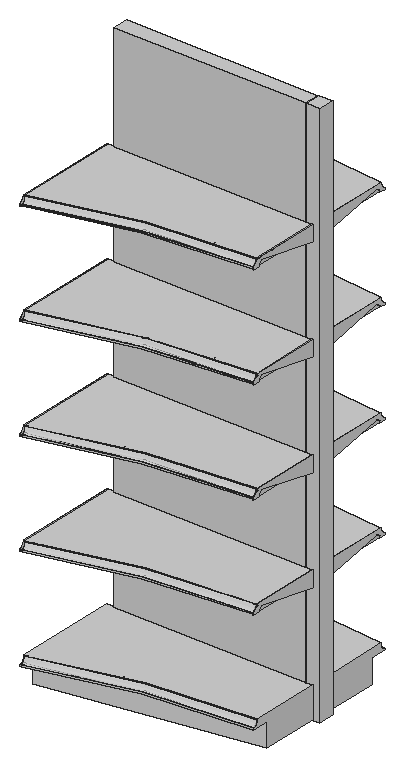
Revit family "ML14", category Specialty Equipment, Revit 2012
Parameters (values of type "Half Radius Concave Big to Small (Default)")
  Width = 3' - 0"
  URL = "http://www.madixinc.com/display/maxiline/shelvesaccessories/hrconcaveupper.html"
  Model = "Maxi Line"
  Manufacturer = "© 2012 Madix, Inc. All rights reserved."
  "Front" Base Shelf [instance] = yes
  "Front" 2' Shelf [instance] = yes
  "Front" 3' 6" Shelf [instance] = yes
  "Front" 5' Shelf [instance] = yes
  "Front" 6' 6" Shelf [instance] = yes
  Height = 8' - 0"
  "Back" Base Shelf [instance] = yes
  "Back" 2' Shelf [instance] = yes
  "Back" 3' 6" Shelf [instance] = yes
  "Back" 5' Shelf [instance] = yes
  "Back" 6' 6" Shelf [instance] = yes
  "Front" Shelf Depth = 1' - 6"
  "Back" Shelf Depth = 1' - 6"
Reference planes (in)
  plane 1 "Center (Front/Back)": y = 0
  plane 2: z = 0
  plane 3 "Center (Left/Right)": x = 0
  plane 4: x = -18
  plane 5: x = 18
  plane 6: y = 1.375
  plane 7: y = -1.375
  plane 8: z = 96
  plane 9: x = -19.25
  plane 10: x = -16.75
  plane 11: x = 19.25
  plane 12: x = 16.75
  plane 13: y = -20.25
  plane 14: y = -14.25
  plane 15: y = 20.25
  plane 16: y = 14.25
  plane 17: x = -19.25
  plane 18: x = 19.25
  plane 19: y = -19.375
  plane 20: y = 19.375
  plane 21: y = -13.375
  plane 22: y = 13.375
  plane 23: y = -13.25
  plane 24: y = -19.25
  plane 25: y = 13.25
  plane 26: y = 19.25
  plane 27: x = -17.875
  plane 28: x = 17.875
  plane 29: y = -17.375
  plane 30: y = 17.375
  plane 31: y = -11.375
  plane 32: y = 11.375
  plane 33: z = 5.5
  plane 34: z = 4.125
  plane 35: z = 23.5
  plane 36: z = 41.5
  plane 37: z = 59.5
  plane 38: z = 77.5
  plane 39: z = 22.125
  plane 40: z = 40.125
  plane 41: z = 58.125
  plane 42: z = 76.125
Forms (in)
  Extrusion 1, solid, material "Metal - Steel"
    sketch origin (0, 0, 0) x (1, 0, 0) y (0, 1, 0)
      loop
        line (-16.71875, -1.375) -> (16.71875, -1.375) -> (16.71875, 1.375) -> (-16.71875, 1.375) -> (-16.71875, -1.375)
      loop
        line (16.75, 1.375) -> (16.75, -1.375) -> (19.25, -1.375) -> (19.25, 1.375) -> (16.75, 1.375)
    from 0 to 96
  Extrusion 2, solid, material "Metal - Steel", visible <- ""Front" Base Shelf"
    sketch origin (0, 0, 0) x (1, 0, 0) y (0, 1, 0)
      loop
        line (-18, -1.375) -> (-18, -17.375) -> (18, -11.375) -> (18, -1.375) -> (-18, -1.375)
    from 0 to 4.125
  Extrusion 3, solid, material "Metal - Steel", visible <- ""Front" Base Shelf"
    sketch origin (0, 0, 0) x (1, 0, 0) y (0, 1, 0)
      loop
        line (-18, -1.375) -> (-18, -19.25) -> (-17.875, -19.25)
        arc (-17.875, -19.25) -> (-0.22448, -14.91246) -> (17.875, -13.25) r 121.79013
        line (17.875, -13.25) -> (18, -13.25) -> (18, -1.375) -> (-18, -1.375)
    from 4.125 to 5.5
  Extrusion 4, solid, material "Metal - Steel", visible <- ""Back" Base Shelf"
    sketch origin (0, 0, 0) x (1, 0, 0) y (0, 1, 0)
      loop
        line (-18, 1.375) -> (18, 1.375) -> (18, 11.375) -> (-18, 17.375) -> (-18, 1.375)
    from 0 to 4.125
  Extrusion 5, solid, material "Metal - Steel", visible <- ""Front" 2' Shelf"
    sketch origin (0, 0, 0) x (1, 0, 0) y (0, 1, 0)
      loop
        line (-17.875, -1.375) -> (-17.875, -19.25) -> (-17.75, -19.25)
        arc (-17.75, -19.25) -> (-0.22598, -14.91297) -> (17.75, -13.25) r 120.17091
        line (17.75, -13.25) -> (17.875, -13.25) -> (17.875, -1.375) -> (-17.875, -1.375)
    from 22.125 to 23.5
  Extrusion 6, solid, material "Metal - Steel", visible <- ""Front" 3' 6" Shelf"
    sketch origin (0, 0, 0) x (1, 0, 0) y (0, 1, 0)
      loop
        line (-17.875, -1.375) -> (-17.875, -19.25) -> (-17.74985, -19.25)
        arc (-17.74985, -19.25) -> (-0.22591, -14.91296) -> (17.75, -13.25) r 120.1689
        line (17.75, -13.25) -> (17.875, -13.25) -> (17.875, -1.375) -> (-17.875, -1.375)
    from 40.125 to 41.5
  Extrusion 7, solid, material "Metal - Steel", visible <- ""Front" 5' Shelf"
    sketch origin (0, 0, 0) x (1, 0, 0) y (0, 1, 0)
      loop
        line (-17.875, -1.375) -> (-17.875, -19.25) -> (-17.74985, -19.25)
        arc (-17.74985, -19.25) -> (-0.22591, -14.91296) -> (17.75, -13.25) r 120.1689
        line (17.75, -13.25) -> (17.875, -13.25) -> (17.875, -1.375) -> (-17.875, -1.375)
    from 58.125 to 59.5
  Extrusion 8, solid, material "Metal - Steel", visible <- ""Front" 6' 6" Shelf"
    sketch origin (0, 0, 0) x (1, 0, 0) y (0, 1, 0)
      loop
        line (-17.875, -1.375) -> (-17.875, -19.25) -> (-17.74985, -19.25)
        arc (-17.74985, -19.25) -> (-0.22591, -14.91296) -> (17.75, -13.25) r 120.1689
        line (17.75, -13.25) -> (17.875, -13.25) -> (17.875, -1.375) -> (-17.875, -1.375)
    from 76.125 to 77.5
  Extrusion 9, solid, material "Metal - Steel", visible <- ""Front" 2' Shelf"
    sketch origin (0, 0, 0) x (0, 1, 0) y (0, 0, 1)
      loop
        line (-1.375, 23.5) -> (-19.5, 23.5) -> (-19.5, 23.375)
        arc (-19.5, 23.375) -> (-19.81743, 22.83182) -> (-20.25, 22.375) r 2.75
        line (-20.25, 22.375) -> (-20.25, 22.125) -> (-19.25, 22.125) -> (-19.25, 22.375) -> (-18.5, 23) -> (-18.25, 23) -> (-18.25, 22.875) -> (-1.375, 20.75) -> (-1.375, 23.5)
      loop
        circle (-3.5, 23) r 0.125
      loop
        circle (-16.25, 23) r 0.125
    from -18 to -17.875
  Extrusion 10, solid, material "Metal - Steel", visible <- ""Back" 2' Shelf"
    sketch origin (0, 0, 0) x (0, -1, 0) y (0, 0, -1)
      loop
        line (-1.375, -23.5) -> (-1.375, -20.75) -> (-18.25, -22.875) -> (-18.25, -23) -> (-18.5, -23) -> (-19.25, -22.375) -> (-19.25, -22.125) -> (-20.25, -22.125) -> (-20.25, -22.375)
        arc (-20.25, -22.375) -> (-19.81743, -22.83182) -> (-19.5, -23.375) r 2.75
        line (-19.5, -23.375) -> (-19.5, -23.5) -> (-1.375, -23.5)
      loop
        circle (-9.5, -23) r 0.125
      loop
        circle (-16.25, -23) r 0.125
    from -18 to -17.875
  Extrusion 11, solid, material "Metal - Steel", visible <- ""Front" 2' Shelf"
    sketch origin (0, 0, 0) x (0, 1, 0) y (0, 0, 1)
      loop
        line (-1.375, 23.5) -> (-13.5, 23.5) -> (-13.5, 23.375)
        arc (-13.5, 23.375) -> (-13.81743, 22.83182) -> (-14.25, 22.375) r 2.75
        line (-14.25, 22.375) -> (-14.25, 22.125) -> (-13.25, 22.125) -> (-13.25, 22.375) -> (-12.5, 23) -> (-12.25, 23) -> (-12.25, 22.875) -> (-1.375, 20.75) -> (-1.375, 23.5)
      loop
        circle (-3.5, 23) r 0.125
      loop
        circle (-10.25, 23) r 0.125
    from 17.875 to 18
  Extrusion 12, solid, material "Metal - Steel", visible <- ""Back" 2' Shelf"
    sketch origin (0, 0, 0) x (0, -1, 0) y (0, 0, -1)
      loop
        line (-1.375, -23.5) -> (-1.375, -20.75) -> (-12.25, -22.875) -> (-12.25, -23) -> (-12.5, -23) -> (-13.25, -22.375) -> (-13.25, -22.125) -> (-14.25, -22.125) -> (-14.25, -22.375)
        arc (-14.25, -22.375) -> (-13.81743, -22.83182) -> (-13.5, -23.375) r 2.75
        line (-13.5, -23.375) -> (-13.5, -23.5) -> (-1.375, -23.5)
      loop
        circle (-3.5, -23) r 0.125
      loop
        circle (-10.25, -23) r 0.125
    from 17.875 to 18
  Extrusion 13, solid, material "Metal - Steel", visible <- ""Front" 3' 6" Shelf"
    sketch origin (0, 0, 18) x (0, 1, 0) y (0, 0, 1)
      loop
        line (-1.375, 23.5) -> (-19.5, 23.5) -> (-19.5, 23.375)
        arc (-19.5, 23.375) -> (-19.81743, 22.83182) -> (-20.25, 22.375) r 2.75
        line (-20.25, 22.375) -> (-20.25, 22.125) -> (-19.25, 22.125) -> (-19.25, 22.375) -> (-18.5, 23) -> (-18.25, 23) -> (-18.25, 22.875) -> (-1.375, 20.75) -> (-1.375, 23.5)
      loop
        circle (-3.5, 23) r 0.125
      loop
        circle (-16.25, 23) r 0.125
    from -18 to -17.875
  Extrusion 14, solid, material "Metal - Steel", visible <- ""Front" 5' Shelf"
    sketch origin (0, 0, 36) x (0, 1, 0) y (0, 0, 1)
      loop
        line (-1.375, 23.5) -> (-19.5, 23.5) -> (-19.5, 23.375)
        arc (-19.5, 23.375) -> (-19.81743, 22.83182) -> (-20.25, 22.375) r 2.75
        line (-20.25, 22.375) -> (-20.25, 22.125) -> (-19.25, 22.125) -> (-19.25, 22.375) -> (-18.5, 23) -> (-18.25, 23) -> (-18.25, 22.875) -> (-1.375, 20.75) -> (-1.375, 23.5)
      loop
        circle (-3.5, 23) r 0.125
      loop
        circle (-16.25, 23) r 0.125
    from -18 to -17.875
  Extrusion 15, solid, material "Metal - Steel", visible <- ""Front" 6' 6" Shelf"
    sketch origin (0, 0, 54) x (0, 1, 0) y (0, 0, 1)
      loop
        line (-1.375, 23.5) -> (-19.5, 23.5) -> (-19.5, 23.375)
        arc (-19.5, 23.375) -> (-19.81743, 22.83182) -> (-20.25, 22.375) r 2.75
        line (-20.25, 22.375) -> (-20.25, 22.125) -> (-19.25, 22.125) -> (-19.25, 22.375) -> (-18.5, 23) -> (-18.25, 23) -> (-18.25, 22.875) -> (-1.375, 20.75) -> (-1.375, 23.5)
      loop
        circle (-3.5, 23) r 0.125
      loop
        circle (-16.25, 23) r 0.125
    from -18 to -17.875
  Extrusion 16, solid, material "Metal - Steel", visible <- ""Back" 6' 6" Shelf"
    sketch origin (0, 0, 54) x (0, -1, 0) y (0, 0, -1)
      loop
        line (-1.375, -23.5) -> (-1.375, -20.75) -> (-18.25, -22.875) -> (-18.25, -23) -> (-18.5, -23) -> (-19.25, -22.375) -> (-19.25, -22.125) -> (-20.25, -22.125) -> (-20.25, -22.375)
        arc (-20.25, -22.375) -> (-19.81743, -22.83182) -> (-19.5, -23.375) r 2.75
        line (-19.5, -23.375) -> (-19.5, -23.5) -> (-1.375, -23.5)
      loop
        circle (-3.5, -23) r 0.125
      loop
        circle (-16.25, -23) r 0.125
    from -18 to -17.875
  Extrusion 17, solid, material "Metal - Steel", visible <- ""Back" 5' Shelf"
    sketch origin (0, 0, 36) x (0, -1, 0) y (0, 0, -1)
      loop
        line (-1.375, -23.5) -> (-1.375, -20.75) -> (-18.25, -22.875) -> (-18.25, -23) -> (-18.5, -23) -> (-19.25, -22.375) -> (-19.25, -22.125) -> (-20.25, -22.125) -> (-20.25, -22.375)
        arc (-20.25, -22.375) -> (-19.81743, -22.83182) -> (-19.5, -23.375) r 2.75
        line (-19.5, -23.375) -> (-19.5, -23.5) -> (-1.375, -23.5)
      loop
        circle (-3.5, -23) r 0.125
      loop
        circle (-16.25, -23) r 0.125
    from -18 to -17.875
  Extrusion 18, solid, material "Metal - Steel", visible <- ""Back" 3' 6" Shelf"
    sketch origin (0, 0, 18) x (0, -1, 0) y (0, 0, -1)
      loop
        line (-1.375, -23.5) -> (-1.375, -20.75) -> (-18.25, -22.875) -> (-18.25, -23) -> (-18.5, -23) -> (-19.25, -22.375) -> (-19.25, -22.125) -> (-20.25, -22.125) -> (-20.25, -22.375)
        arc (-20.25, -22.375) -> (-19.81743, -22.83182) -> (-19.5, -23.375) r 2.75
        line (-19.5, -23.375) -> (-19.5, -23.5) -> (-1.375, -23.5)
      loop
        circle (-3.5, -23) r 0.125
      loop
        circle (-16.25, -23) r 0.125
    from -18 to -17.875
  Extrusion 19, solid, material "Metal - Steel", visible <- ""Back" 3' 6" Shelf"
    sketch origin (0, 0, 18) x (0, -1, 0) y (0, 0, -1)
      loop
        line (-1.375, -23.5) -> (-1.375, -20.75) -> (-12.25, -22.875) -> (-12.25, -23) -> (-12.5, -23) -> (-13.25, -22.375) -> (-13.25, -22.125) -> (-14.25, -22.125) -> (-14.25, -22.375)
        arc (-14.25, -22.375) -> (-13.81743, -22.83182) -> (-13.5, -23.375) r 2.75
        line (-13.5, -23.375) -> (-13.5, -23.5) -> (-1.375, -23.5)
      loop
        circle (-3.5, -23) r 0.125
      loop
        circle (-10.25, -23) r 0.125
    from 17.875 to 18
  Extrusion 20, solid, material "Metal - Steel", visible <- ""Back" 5' Shelf"
    sketch origin (0, 0, 36) x (0, -1, 0) y (0, 0, -1)
      loop
        line (-1.375, -23.5) -> (-1.375, -20.75) -> (-12.25, -22.875) -> (-12.25, -23) -> (-12.5, -23) -> (-13.25, -22.375) -> (-13.25, -22.125) -> (-14.25, -22.125) -> (-14.25, -22.375)
        arc (-14.25, -22.375) -> (-13.81743, -22.83182) -> (-13.5, -23.375) r 2.75
        line (-13.5, -23.375) -> (-13.5, -23.5) -> (-1.375, -23.5)
      loop
        circle (-3.5, -23) r 0.125
      loop
        circle (-10.25, -23) r 0.125
    from 17.875 to 18
  Extrusion 21, solid, material "Metal - Steel", visible <- ""Back" 6' 6" Shelf"
    sketch origin (0, 0, 54) x (0, -1, 0) y (0, 0, -1)
      loop
        line (-1.375, -23.5) -> (-1.375, -20.75) -> (-12.25, -22.875) -> (-12.25, -23) -> (-12.5, -23) -> (-13.25, -22.375) -> (-13.25, -22.125) -> (-14.25, -22.125) -> (-14.25, -22.375)
        arc (-14.25, -22.375) -> (-13.81743, -22.83182) -> (-13.5, -23.375) r 2.75
        line (-13.5, -23.375) -> (-13.5, -23.5) -> (-1.375, -23.5)
      loop
        circle (-3.5, -23) r 0.125
      loop
        circle (-10.25, -23) r 0.125
    from 17.875 to 18
  Extrusion 22, solid, material "Metal - Steel", visible <- ""Front" 6' 6" Shelf"
    sketch origin (0, 0, 54) x (0, 1, 0) y (0, 0, 1)
      loop
        line (-1.375, 23.5) -> (-13.5, 23.5) -> (-13.5, 23.375)
        arc (-13.5, 23.375) -> (-13.81743, 22.83182) -> (-14.25, 22.375) r 2.75
        line (-14.25, 22.375) -> (-14.25, 22.125) -> (-13.25, 22.125) -> (-13.25, 22.375) -> (-12.5, 23) -> (-12.25, 23) -> (-12.25, 22.875) -> (-1.375, 20.75) -> (-1.375, 23.5)
      loop
        circle (-3.5, 23) r 0.125
      loop
        circle (-10.25, 23) r 0.125
    from 17.875 to 18
  Extrusion 23, solid, material "Metal - Steel", visible <- ""Front" 5' Shelf"
    sketch origin (0, 0, 36) x (0, 1, 0) y (0, 0, 1)
      loop
        line (-1.375, 23.5) -> (-13.5, 23.5) -> (-13.5, 23.375)
        arc (-13.5, 23.375) -> (-13.81743, 22.83182) -> (-14.25, 22.375) r 2.75
        line (-14.25, 22.375) -> (-14.25, 22.125) -> (-13.25, 22.125) -> (-13.25, 22.375) -> (-12.5, 23) -> (-12.25, 23) -> (-12.25, 22.875) -> (-1.375, 20.75) -> (-1.375, 23.5)
      loop
        circle (-3.5, 23) r 0.125
      loop
        circle (-10.25, 23) r 0.125
    from 17.875 to 18
  Extrusion 24, solid, material "Metal - Steel", visible <- ""Front" 3' 6" Shelf"
    sketch origin (0, 0, 18) x (0, 1, 0) y (0, 0, 1)
      loop
        line (-1.375, 23.5) -> (-13.5, 23.5) -> (-13.5, 23.375)
        arc (-13.5, 23.375) -> (-13.81743, 22.83182) -> (-14.25, 22.375) r 2.75
        line (-14.25, 22.375) -> (-14.25, 22.125) -> (-13.25, 22.125) -> (-13.25, 22.375) -> (-12.5, 23) -> (-12.25, 23) -> (-12.25, 22.875) -> (-1.375, 20.75) -> (-1.375, 23.5)
      loop
        circle (-3.5, 23) r 0.125
      loop
        circle (-10.25, 23) r 0.125
    from 17.875 to 18
  Sweep 25, solid, material "Metal - Steel", visible <- ""Front" 2' Shelf"
    path in 3D
      loop
        line (-17.875, -19.25, 23.5) -> (-17.75, -19.25, 23.5)
        arc (-17.75, -19.25, 23.5) -> (-0.22598, -14.91297, 23.5) -> (17.75, -13.25, 23.5) r 120.17091
        line (17.75, -13.25, 23.5) -> (17.875, -13.25, 23.5)
    profile origin (-17.8125, -19.25, 23.5) x (0, 1, 0) y (0, 0, 1)
      loop
        line (0, 0) -> (-0.25, 0) -> (-0.25, -0.125) -> (-0.125, -0.125)
        arc (-0.125, -0.125) -> (-0.38696, -0.76286) -> (-0.875, -1.25) r 1.75
        line (-0.875, -1.25) -> (-0.875, -1.125) -> (-1, -1.125) -> (-1, -1.375) -> (0, -1.375) -> (0, 0)
  Sweep 26, solid, material "Metal - Steel", visible <- ""Front" Base Shelf"
    path in 3D
      loop
        line (-18, -19.25, 5.5) -> (-17.875, -19.25, 5.5)
        arc (-17.875, -19.25, 5.5) -> (-0.22448, -14.91246, 5.5) -> (17.875, -13.25, 5.5) r 121.79013
        line (17.875, -13.25, 5.5) -> (18, -13.25, 5.5)
    profile origin (-17.9375, -19.25, 5.5) x (0, 1, 0) y (0, 0, 1)
      loop
        line (0, 0) -> (-0.25, 0) -> (-0.25, -0.125) -> (-0.125, -0.125)
        arc (-0.125, -0.125) -> (-0.38696, -0.76286) -> (-0.875, -1.25) r 1.74999
        line (-0.875, -1.25) -> (-0.875, -1.125) -> (-1, -1.125) -> (-1, -1.375) -> (0, -1.375) -> (0, 0)
  Extrusion 27, solid, material "Metal - Steel", visible <- ""Back" Base Shelf"
    sketch origin (0, 0, 0) x (1, 0, 0) y (0, 1, 0)
      loop
        line (-18, 1.375) -> (18, 1.375) -> (18, 13.25) -> (17.875, 13.25)
        arc (17.875, 13.25) -> (-0.22448, 14.91246) -> (-17.875, 19.25) r 121.79013
        line (-17.875, 19.25) -> (-18, 19.25) -> (-18, 1.375)
    from 4.125 to 5.5
  Extrusion 28, solid, material "Metal - Steel", visible <- ""Back" 2' Shelf"
    sketch origin (0, 0, 0) x (0, -1, 0) y (0, 0, -1)
      loop
        line (-1.375, -23.5) -> (-1.375, -20.75) -> (-12.25, -22.875) -> (-12.25, -23) -> (-12.5, -23) -> (-13.25, -22.375) -> (-13.25, -22.125) -> (-14.25, -22.125) -> (-14.25, -22.375)
        arc (-14.25, -22.375) -> (-13.81743, -22.83182) -> (-13.5, -23.375) r 2.75
        line (-13.5, -23.375) -> (-13.5, -23.5) -> (-1.375, -23.5)
      loop
        circle (-3.5, -23) r 0.125
      loop
        circle (-10.25, -23) r 0.125
    from 17.875 to 18
  Extrusion 29, solid, material "Metal - Steel", visible <- ""Back" 2' Shelf"
    sketch origin (0, 0, 0) x (1, 0, 0) y (0, 1, 0)
      loop
        line (-17.875, 1.375) -> (17.875, 1.375) -> (17.875, 13.25) -> (17.75, 13.25)
        arc (17.75, 13.25) -> (-0.22598, 14.91297) -> (-17.75, 19.25) r 120.17091
        line (-17.75, 19.25) -> (-17.875, 19.25) -> (-17.875, 1.375)
    from 22.125 to 23.5
  Extrusion 30, solid, material "Metal - Steel", visible <- ""Back" 3' 6" Shelf"
    sketch origin (0, 0, 0) x (1, 0, 0) y (0, 1, 0)
      loop
        line (-17.875, 1.375) -> (17.875, 1.375) -> (17.875, 13.25) -> (17.75, 13.25)
        arc (17.75, 13.25) -> (-0.22591, 14.91296) -> (-17.74985, 19.25) r 120.1689
        line (-17.74985, 19.25) -> (-17.875, 19.25) -> (-17.875, 1.375)
    from 40.125 to 41.5
  Extrusion 31, solid, material "Metal - Steel", visible <- ""Back" 5' Shelf"
    sketch origin (0, 0, 0) x (1, 0, 0) y (0, 1, 0)
      loop
        line (-17.875, 1.375) -> (17.875, 1.375) -> (17.875, 13.25) -> (17.75, 13.25)
        arc (17.75, 13.25) -> (-0.22591, 14.91296) -> (-17.74985, 19.25) r 120.1689
        line (-17.74985, 19.25) -> (-17.875, 19.25) -> (-17.875, 1.375)
    from 58.125 to 59.5
  Extrusion 32, solid, material "Metal - Steel", visible <- ""Back" 6' 6" Shelf"
    sketch origin (0, 0, 0) x (1, 0, 0) y (0, 1, 0)
      loop
        line (-17.875, 1.375) -> (17.875, 1.375) -> (17.875, 13.25) -> (17.75, 13.25)
        arc (17.75, 13.25) -> (-0.22591, 14.91296) -> (-17.74985, 19.25) r 120.1689
        line (-17.74985, 19.25) -> (-17.875, 19.25) -> (-17.875, 1.375)
    from 76.125 to 77.5
  Sweep 33, solid, material "Metal - Steel", visible <- ""Front" 3' 6" Shelf"
    path in 3D
      loop
        line (-17.875, -19.25, 41.5) -> (-17.74985, -19.25, 41.5)
        arc (-17.74985, -19.25, 41.5) -> (-0.22591, -14.91296, 41.5) -> (17.75, -13.25, 41.5) r 120.1689
        line (17.75, -13.25, 41.5) -> (17.875, -13.25, 41.5)
    profile origin (-17.81243, -19.25, 41.5) x (0, 1, 0) y (0, 0, 1)
      loop
        line (0, 0) -> (-0.25, 0) -> (-0.25, -0.125) -> (-0.125, -0.125)
        arc (-0.125, -0.125) -> (-0.38696, -0.76286) -> (-0.875, -1.25) r 1.75
        line (-0.875, -1.25) -> (-0.875, -1.125) -> (-1, -1.125) -> (-1, -1.375) -> (0, -1.375) -> (0, 0)
  Sweep 34, solid, material "Metal - Steel", visible <- ""Front" 5' Shelf"
    path in 3D
      loop
        line (-17.875, -19.25, 59.5) -> (-17.74985, -19.25, 59.5)
        arc (-17.74985, -19.25, 59.5) -> (-0.22591, -14.91296, 59.5) -> (17.75, -13.25, 59.5) r 120.1689
        line (17.75, -13.25, 59.5) -> (17.875, -13.25, 59.5)
    profile origin (-17.81243, -19.25, 59.5) x (0, 1, 0) y (0, 0, 1)
      loop
        arc (-0.125, -0.125) -> (-0.38696, -0.76286) -> (-0.875, -1.25) r 1.74999
        line (-0.875, -1.25) -> (-0.875, -1.125) -> (-1, -1.125) -> (-1, -1.375) -> (0, -1.375) -> (0, 0) -> (-0.25, 0) -> (-0.25, -0.125) -> (-0.125, -0.125)
  Sweep 35, solid, material "Metal - Steel", visible <- ""Front" 6' 6" Shelf"
    path in 3D
      loop
        line (-17.875, -19.25, 77.5) -> (-17.74985, -19.25, 77.5)
        arc (-17.74985, -19.25, 77.5) -> (-0.22591, -14.91296, 77.5) -> (17.75, -13.25, 77.5) r 120.1689
        line (17.75, -13.25, 77.5) -> (17.875, -13.25, 77.5)
    profile origin (-17.81243, -19.25, 77.5) x (0, 1, 0) y (0, 0, 1)
      loop
        arc (-0.125, -0.125) -> (-0.38696, -0.76286) -> (-0.875, -1.25) r 1.74998
        line (-0.875, -1.25) -> (-0.875, -1.125) -> (-1, -1.125) -> (-1, -1.375) -> (0, -1.375) -> (0, 0) -> (-0.25, 0) -> (-0.25, -0.125) -> (-0.125, -0.125)
  Sweep 36, solid, material "Metal - Steel", visible <- ""Back" Base Shelf"
    path in 3D
      loop
        line (18, 13.25, 5.5) -> (17.875, 13.25, 5.5)
        arc (17.875, 13.25, 5.5) -> (-0.22448, 14.91246, 5.5) -> (-17.875, 19.25, 5.5) r 121.79013
        line (-17.875, 19.25, 5.5) -> (-18, 19.25, 5.5)
    profile origin (-17.9375, 19.25, 5.5) x (0, -1, 0) y (0, 0, 1)
      loop
        arc (-0.125, -0.125) -> (-0.38696, -0.76286) -> (-0.875, -1.25) r 1.74998
        line (-0.875, -1.25) -> (-0.875, -1.125) -> (-1, -1.125) -> (-1, -1.375) -> (0, -1.375) -> (0, 0) -> (-0.25, 0) -> (-0.25, -0.125) -> (-0.125, -0.125)
  Sweep 37, solid, material "Metal - Steel", visible <- ""Back" 2' Shelf"
    path in 3D
      loop
        line (17.875, 13.25, 23.5) -> (17.75, 13.25, 23.5)
        arc (17.75, 13.25, 23.5) -> (-0.22598, 14.91297, 23.5) -> (-17.75, 19.25, 23.5) r 120.17091
        line (-17.75, 19.25, 23.5) -> (-17.875, 19.25, 23.5)
    profile origin (-17.8125, 19.25, 23.5) x (0, -1, 0) y (0, 0, 1)
      loop
        line (0, 0) -> (-0.25, 0) -> (-0.25, -0.125) -> (-0.125, -0.125)
        arc (-0.125, -0.125) -> (-0.38696, -0.76286) -> (-0.875, -1.25) r 1.74998
        line (-0.875, -1.25) -> (-0.875, -1.125) -> (-1, -1.125) -> (-1, -1.375) -> (0, -1.375) -> (0, 0)
  Sweep 38, solid, material "Metal - Steel", visible <- ""Back" 3' 6" Shelf"
    path in 3D
      loop
        line (17.875, 13.25, 41.5) -> (17.75, 13.25, 41.5)
        arc (17.75, 13.25, 41.5) -> (-0.22591, 14.91296, 41.5) -> (-17.74985, 19.25, 41.5) r 120.1689
        line (-17.74985, 19.25, 41.5) -> (-17.875, 19.25, 41.5)
    profile origin (17.8125, 13.25, 41.5) x (0, -1, 0) y (0, 0, 1)
      loop
        arc (-0.125, -0.125) -> (-0.38696, -0.76286) -> (-0.875, -1.25) r 1.74998
        line (-0.875, -1.25) -> (-0.875, -1.125) -> (-1, -1.125) -> (-1, -1.375) -> (0, -1.375) -> (0, 0) -> (-0.25, 0) -> (-0.25, -0.125) -> (-0.125, -0.125)
  Sweep 39, solid, material "Metal - Steel", visible <- ""Back" 5' Shelf"
    path in 3D
      loop
        line (17.875, 13.25, 59.5) -> (17.75, 13.25, 59.5)
        arc (17.75, 13.25, 59.5) -> (-0.22591, 14.91296, 59.5) -> (-17.74985, 19.25, 59.5) r 120.1689
        line (-17.74985, 19.25, 59.5) -> (-17.875, 19.25, 59.5)
    profile origin (-17.81243, 19.25, 59.5) x (0, -1, 0) y (0, 0, 1)
      loop
        arc (-0.125, -0.125) -> (-0.38696, -0.76286) -> (-0.875, -1.25) r 1.74998
        line (-0.875, -1.25) -> (-0.875, -1.125) -> (-1, -1.125) -> (-1, -1.375) -> (0, -1.375) -> (0, 0) -> (-0.25, 0) -> (-0.25, -0.125) -> (-0.125, -0.125)
  Sweep 40, solid, material "Metal - Steel", visible <- ""Back" 6' 6" Shelf"
    path in 3D
      loop
        line (17.875, 13.25, 77.5) -> (17.75, 13.25, 77.5)
        arc (17.75, 13.25, 77.5) -> (-0.22591, 14.91296, 77.5) -> (-17.74985, 19.25, 77.5) r 120.1689
        line (-17.74985, 19.25, 77.5) -> (-17.875, 19.25, 77.5)
    profile origin (-17.81243, 19.25, 77.5) x (0, -1, 0) y (0, 0, 1)
      loop
        arc (-0.125, -0.125) -> (-0.38696, -0.76286) -> (-0.875, -1.25) r 1.74998
        line (-0.875, -1.25) -> (-0.875, -1.125) -> (-1, -1.125) -> (-1, -1.375) -> (0, -1.375) -> (0, 0) -> (-0.25, 0) -> (-0.25, -0.125) -> (-0.125, -0.125)
Cuts and joins
  joined: Extrusion 2, Extrusion 3, Sweep 26
  joined: Extrusion 5, Sweep 25
  joined: Extrusion 6, Sweep 33
  joined: Extrusion 7, Sweep 34
  joined: Extrusion 8, Sweep 35
  joined: Extrusion 4, Extrusion 27, Sweep 36
  joined: Extrusion 29, Sweep 37
  joined: Extrusion 30, Sweep 38
  joined: Extrusion 31, Sweep 39
  joined: Extrusion 32, Sweep 40
Lines and regions (in)
  sketch lines
    curve 1: line (-17.875, -19.25, 23.5) -> (-17.75, -19.25, 23.5)
    curve 2: arc (17.75, -13.25, 23.5) -> (-0.22598, -14.91297, 23.5) -> (-17.75, -19.25, 23.5) r 120.17091
    curve 3: line (17.75, -13.25, 23.5) -> (17.875, -13.25, 23.5)
    curve 4: line (-18, -19.25, 5.5) -> (-17.875, -19.25, 5.5)
    curve 5: arc (17.875, -13.25, 5.5) -> (-0.22448, -14.91246, 5.5) -> (-17.875, -19.25, 5.5) r 121.79013
    curve 6: line (17.875, -13.25, 5.5) -> (18, -13.25, 5.5)
    curve 7: line (-17.875, -19.25, 41.5) -> (-17.74985, -19.25, 41.5)
    curve 8: arc (17.75, -13.25, 41.5) -> (-0.22591, -14.91296, 41.5) -> (-17.74985, -19.25, 41.5) r 120.1689
    curve 9: line (17.75, -13.25, 41.5) -> (17.875, -13.25, 41.5)
    curve 10: line (-17.875, -19.25, 59.5) -> (-17.74985, -19.25, 59.5)
    curve 11: arc (17.75, -13.25, 59.5) -> (-0.22591, -14.91296, 59.5) -> (-17.74985, -19.25, 59.5) r 120.1689
    curve 12: line (17.75, -13.25, 59.5) -> (17.875, -13.25, 59.5)
    curve 13: line (-17.875, -19.25, 77.5) -> (-17.74985, -19.25, 77.5)
    curve 14: arc (17.75, -13.25, 77.5) -> (-0.22591, -14.91296, 77.5) -> (-17.74985, -19.25, 77.5) r 120.1689
    curve 15: line (17.75, -13.25, 77.5) -> (17.875, -13.25, 77.5)
    curve 16: line (-17.875, 19.25, 5.5) -> (-18, 19.25, 5.5)
    curve 17: arc (-17.875, 19.25, 5.5) -> (-0.22448, 14.91246, 5.5) -> (17.875, 13.25, 5.5) r 121.79013
    curve 18: line (18, 13.25, 5.5) -> (17.875, 13.25, 5.5)
    curve 19: line (-17.75, 19.25, 23.5) -> (-17.875, 19.25, 23.5)
    curve 20: arc (-17.75, 19.25, 23.5) -> (-0.22598, 14.91297, 23.5) -> (17.75, 13.25, 23.5) r 120.17091
    curve 21: line (17.875, 13.25, 23.5) -> (17.75, 13.25, 23.5)
    curve 22: line (17.875, 13.25, 41.5) -> (17.75, 13.25, 41.5)
    curve 23: arc (-17.74985, 19.25, 41.5) -> (-0.22591, 14.91296, 41.5) -> (17.75, 13.25, 41.5) r 120.1689
    curve 24: line (-17.74985, 19.25, 41.5) -> (-17.875, 19.25, 41.5)
    curve 25: line (-17.74985, 19.25, 59.5) -> (-17.875, 19.25, 59.5)
    curve 26: arc (-17.74985, 19.25, 59.5) -> (-0.22591, 14.91296, 59.5) -> (17.75, 13.25, 59.5) r 120.1689
    curve 27: line (17.875, 13.25, 59.5) -> (17.75, 13.25, 59.5)
    curve 28: line (-17.74985, 19.25, 77.5) -> (-17.875, 19.25, 77.5)
    curve 29: arc (-17.74985, 19.25, 77.5) -> (-0.22591, 14.91296, 77.5) -> (17.75, 13.25, 77.5) r 120.1689
    curve 30: line (17.875, 13.25, 77.5) -> (17.75, 13.25, 77.5)
Dimensions and locks (in)
  "Height": plane 8 to level
  equal spacing: plane 4, plane 3 "Center (Left/Right)", plane 5
  "Width": plane 4 to plane 5
  locked: plane 9 to plane 10 at 2.5
  locked: plane 12 to plane 11 at 2.5
  locked: plane 17 to plane 4 at 1.25
  locked: plane 5 to plane 18 at 1.25
  ""Front" Shelf Depth": plane 19 to plane 7
  ""Back" Shelf Depth": plane 6 to plane 20
  locked: plane 21 to plane 19 at 6
  locked: plane 22 to plane 20 at 6
  locked: plane 19 to plane 13 at 0.875
  locked: plane 21 to plane 14 at 0.875
  locked: plane 16 to plane 22 at 0.875
  locked: plane 20 to plane 15 at 0.875
  locked: plane 23 to plane 21 at 0.125
  locked: plane 24 to plane 19 at 0.125
  locked: plane 25 to plane 22 at 0.125
  locked: plane 26 to plane 20 at 0.125
  locked: plane 4 to plane 27 at 0.125
  locked: plane 28 to plane 5 at 0.125
  locked: plane 31 to plane 21 at 2
  locked: plane 29 to plane 19 at 2
  locked: plane 22 to plane 32 at 2
  locked: plane 20 to plane 30 at 2
  aligned and locked: level to plane 2
  aligned and locked: plane 8 to Extrusion 1
  aligned and locked: plane 11 to plane 18
  aligned and locked: plane 9 to plane 17
  aligned and locked: Extrusion 9 to plane 4
  aligned and locked: plane 27 to Extrusion 9
  aligned and locked: Extrusion 11 to plane 5
  aligned and locked: plane 28 to Extrusion 11
  aligned and locked: Extrusion 12 to plane 5
  aligned and locked: plane 28 to Extrusion 12
  aligned and locked: plane 27 to Extrusion 10
  aligned and locked: Extrusion 10 to plane 4
  aligned and locked: Extrusion 16 to plane 4
  aligned and locked: plane 27 to Extrusion 16
  aligned and locked: Extrusion 17 to plane 4
  aligned and locked: plane 27 to Extrusion 17
  aligned and locked: Extrusion 18 to plane 4
  aligned and locked: plane 27 to Extrusion 18
  aligned and locked: Extrusion 21 to plane 5
  aligned and locked: plane 28 to Extrusion 21
  aligned and locked: Extrusion 20 to plane 5
  aligned and locked: plane 28 to Extrusion 20
  aligned and locked: Extrusion 19 to plane 5
  aligned and locked: plane 28 to Extrusion 19
  aligned and locked: Extrusion 22 to plane 5
  aligned and locked: plane 28 to Extrusion 22
  aligned and locked: Extrusion 23 to plane 5
  aligned and locked: plane 28 to Extrusion 23
  aligned and locked: Extrusion 24 to plane 5
  aligned and locked: plane 28 to Extrusion 24
  aligned and locked: Extrusion 15 to plane 4
  aligned and locked: plane 27 to Extrusion 15
  aligned and locked: Extrusion 14 to plane 4
  aligned and locked: plane 27 to Extrusion 14
  aligned and locked: Extrusion 13 to plane 4
  aligned and locked: plane 27 to Extrusion 13
  aligned and locked: Extrusion 28 to plane 5
  aligned and locked: plane 28 to Extrusion 28
Automatic sketch dimensions
  Extrusion 2 sketch curve to plane 4 = 0' - 0"
  Extrusion 2 sketch curve to plane 5 = 0' - 0"
  plane 29 to Extrusion 2 sketch curve = 0' - 0"
  Extrusion 2 sketch curve to plane 31 = 0' - 0"
  plane 7 to Extrusion 2 sketch curve = 0' - 0"
  Extrusion 3 sketch curve to plane 4 = 0' - 0"
  Extrusion 3 sketch curve to plane 24 = 0' - 0"
  Extrusion 3 sketch curve to plane 27 = 0' - 0"
  Extrusion 3 sketch curve to plane 23 = 0' - 0"
  Extrusion 3 sketch curve to plane 28 = 0' - 0"
  Extrusion 3 sketch curve to plane 5 = 0' - 0"
  plane 7 to Extrusion 3 sketch curve = 0' - 0"
  Extrusion 3 sketch curve to plane 11 = 0' - 0.68388"
  Extrusion 4 sketch curve to plane 4 = 0' - 0"
  Extrusion 4 sketch curve to plane 5 = 0' - 0"
  Extrusion 4 sketch curve to plane 30 = 0' - 0"
  plane 32 to Extrusion 4 sketch curve = 0' - 0"
  Extrusion 4 sketch curve to plane 6 = 0' - 0"
  Extrusion 5 sketch curve to plane 24 = 0' - 0"
  Extrusion 5 sketch curve to plane 27 = 0' - 0"
  Extrusion 5 sketch curve to plane 23 = 0' - 0"
  plane 7 to Extrusion 5 sketch curve = 0' - 0"
  Extrusion 5 sketch curve to plane 28 = 0' - 0"
  plane 27 to Extrusion 5 sketch curve = 0' - 0 1/8"
  plane 28 to Extrusion 5 sketch curve = 0' - 0 1/8"
  Extrusion 5 sketch curve to plane 11 = 0' - 0.55058"
  Extrusion 6 sketch curve to plane 24 = 0' - 0"
  Extrusion 6 sketch curve to plane 27 = 0' - 0"
  Extrusion 6 sketch curve to plane 23 = 0' - 0"
  plane 7 to Extrusion 6 sketch curve = 0' - 0"
  Extrusion 6 sketch curve to plane 28 = 0' - 0"
  plane 27 to Extrusion 6 sketch curve = 0' - 0.12515"
  plane 28 to Extrusion 6 sketch curve = 0' - 0 1/8"
  Extrusion 6 sketch curve to plane 11 = 0' - 0.55039"
  Extrusion 7 sketch curve to plane 24 = 0' - 0"
  Extrusion 7 sketch curve to plane 27 = 0' - 0"
  Extrusion 7 sketch curve to plane 23 = 0' - 0"
  plane 7 to Extrusion 7 sketch curve = 0' - 0"
  Extrusion 7 sketch curve to plane 28 = 0' - 0"
  plane 27 to Extrusion 7 sketch curve = 0' - 0.12515"
  plane 28 to Extrusion 7 sketch curve = 0' - 0 1/8"
  Extrusion 7 sketch curve to plane 11 = 0' - 0.55039"
  Extrusion 8 sketch curve to plane 24 = 0' - 0"
  Extrusion 8 sketch curve to plane 27 = 0' - 0"
  Extrusion 8 sketch curve to plane 23 = 0' - 0"
  plane 7 to Extrusion 8 sketch curve = 0' - 0"
  Extrusion 8 sketch curve to plane 28 = 0' - 0"
  plane 27 to Extrusion 8 sketch curve = 0' - 0.12515"
  plane 28 to Extrusion 8 sketch curve = 0' - 0 1/8"
  Extrusion 8 sketch curve to plane 11 = 0' - 0.55039"
  Extrusion 9 sketch curve to plane 13 = 0' - 0"
  plane 35 to Extrusion 9 sketch curve = 0' - 0"
  Extrusion 9 sketch curve to plane 24 = 0' - 0"
  Extrusion 9 sketch curve to plane 7 = 0' - 0"
  plane 39 to Extrusion 9 sketch curve = 0' - 0"
  Extrusion 9 sketch curve to plane 35 = 0' - 0.98182"
  Extrusion 9 sketch curve to plane 13 = 0' - 1.76743"
  Extrusion 9 sketch curve to plane 19 = 0' - 0 1/8"
  plane 24 to Extrusion 9 sketch curve = 0' - 0 3/4"
  Extrusion 9 sketch curve to Extrusion 9 sketch curve = 0' - 0 1/4"
  plane 35 to Extrusion 9 sketch curve = 0' - 0 1/2"  (x2)
  Extrusion 9 sketch curve to plane 29 = 0' - 1 1/8"
  plane 7 to Extrusion 9 sketch curve = 0' - 2 1/8"
  plane 39 to Extrusion 9 sketch curve = 0' - 1 3/8"
  Extrusion 9 sketch curve to plane 39 = 0' - 0 1/4"  (x2)
  plane 35 to Extrusion 9 sketch curve = 0' - 0 5/8"
  Extrusion 9 sketch curve to Extrusion 9 sketch curve = 0' - 0 1/8"
  Extrusion 10 sketch curve to plane 15 = 0' - 0"
  plane 35 to Extrusion 10 sketch curve = 0' - 0"
  Extrusion 10 sketch curve to plane 26 = 0' - 0"
  Extrusion 10 sketch curve to plane 6 = 0' - 0"
  plane 39 to Extrusion 10 sketch curve = 0' - 0"
  plane 35 to Extrusion 10 sketch curve = 0' - 0.98182"
  plane 15 to Extrusion 10 sketch curve = 0' - 1.76743"
  plane 20 to Extrusion 10 sketch curve = 0' - 0 1/8"
  Extrusion 10 sketch curve to plane 26 = 0' - 0 3/4"
  Extrusion 10 sketch curve to Extrusion 10 sketch curve = 0' - 0 1/4"
  Extrusion 10 sketch curve to plane 35 = 0' - 0 1/2"  (x2)
  plane 30 to Extrusion 10 sketch curve = 0' - 1 1/8"
  Extrusion 10 sketch curve to plane 32 = 0' - 1 7/8"
  Extrusion 10 sketch curve to plane 39 = 0' - 1 3/8"
  plane 39 to Extrusion 10 sketch curve = 0' - 0 1/4"  (x2)
  Extrusion 10 sketch curve to plane 35 = 0' - 0 5/8"
  Extrusion 10 sketch curve to Extrusion 10 sketch curve = 0' - 0 1/8"
  Extrusion 11 sketch curve to plane 14 = 0' - 0"
  plane 35 to Extrusion 11 sketch curve = 0' - 0"
  Extrusion 11 sketch curve to plane 23 = 0' - 0"
  Extrusion 11 sketch curve to plane 7 = 0' - 0"
  plane 39 to Extrusion 11 sketch curve = 0' - 0"
  Extrusion 11 sketch curve to plane 29 = 0' - 1.35757"
  Extrusion 11 sketch curve to plane 21 = 0' - 0 1/8"
  plane 23 to Extrusion 11 sketch curve = 0' - 0 3/4"
  Extrusion 11 sketch curve to Extrusion 11 sketch curve = 0' - 0 1/4"
  plane 35 to Extrusion 11 sketch curve = 0' - 0 1/2"  (x2)
  plane 31 to Extrusion 11 sketch curve = 0' - 1 1/8"
  plane 7 to Extrusion 11 sketch curve = 0' - 2 1/8"
  plane 39 to Extrusion 11 sketch curve = 0' - 1 3/8"
  Extrusion 11 sketch curve to plane 39 = 0' - 0 1/4"  (x2)
  plane 35 to Extrusion 11 sketch curve = 0' - 0 5/8"
  Extrusion 11 sketch curve to Extrusion 11 sketch curve = 0' - 0 1/8"  (x2)
  Extrusion 12 sketch curve to plane 16 = 0' - 0"
  plane 35 to Extrusion 12 sketch curve = 0' - 0"
  Extrusion 12 sketch curve to plane 25 = 0' - 0"
  Extrusion 12 sketch curve to plane 6 = 0' - 0"
  plane 39 to Extrusion 12 sketch curve = 0' - 0"
  plane 30 to Extrusion 12 sketch curve = 0' - 1.35757"
  plane 22 to Extrusion 12 sketch curve = 0' - 0 1/8"
  Extrusion 12 sketch curve to plane 25 = 0' - 0 3/4"
  Extrusion 12 sketch curve to Extrusion 12 sketch curve = 0' - 0 1/4"
  Extrusion 12 sketch curve to plane 35 = 0' - 0 1/2"  (x2)
  Extrusion 12 sketch curve to plane 32 = 0' - 1 1/8"
  Extrusion 12 sketch curve to plane 6 = 0' - 2 1/8"
  Extrusion 12 sketch curve to plane 39 = 0' - 1 3/8"
  plane 39 to Extrusion 12 sketch curve = 0' - 0 1/4"  (x2)
  Extrusion 12 sketch curve to plane 35 = 0' - 0 5/8"
  Extrusion 12 sketch curve to Extrusion 12 sketch curve = 0' - 0 1/8"  (x2)
  Extrusion 13 sketch curve to plane 13 = 0' - 0"
  Extrusion 13 sketch curve to plane 36 = 0' - 0"
  Extrusion 13 sketch curve to plane 24 = 0' - 0"
  Extrusion 13 sketch curve to plane 7 = 0' - 0"
  plane 40 to Extrusion 13 sketch curve = 0' - 0"
  plane 36 to Extrusion 13 sketch curve = 0' - 0.98182"
  Extrusion 13 sketch curve to plane 13 = 0' - 1.76743"
  Extrusion 13 sketch curve to plane 19 = 0' - 0 1/8"
  plane 24 to Extrusion 13 sketch curve = 0' - 0 3/4"
  Extrusion 13 sketch curve to Extrusion 13 sketch curve = 0' - 0 1/4"
  Extrusion 13 sketch curve to plane 36 = 0' - 0 1/2"  (x2)
  Extrusion 13 sketch curve to plane 29 = 0' - 1 1/8"
  plane 7 to Extrusion 13 sketch curve = 0' - 2 1/8"
  plane 40 to Extrusion 13 sketch curve = 0' - 1 3/8"
  Extrusion 13 sketch curve to plane 40 = 0' - 0 1/4"  (x2)
  Extrusion 13 sketch curve to plane 36 = 0' - 0 5/8"
  Extrusion 13 sketch curve to Extrusion 13 sketch curve = 0' - 0 1/8"
  Extrusion 14 sketch curve to plane 13 = 0' - 0"
  Extrusion 14 sketch curve to plane 37 = 0' - 0"
  Extrusion 14 sketch curve to plane 24 = 0' - 0"
  Extrusion 14 sketch curve to plane 7 = 0' - 0"
  Extrusion 14 sketch curve to plane 41 = 0' - 0"
  plane 37 to Extrusion 14 sketch curve = 0' - 0.98182"
  Extrusion 14 sketch curve to plane 13 = 0' - 1.76743"
  Extrusion 14 sketch curve to plane 19 = 0' - 0 1/8"
  plane 24 to Extrusion 14 sketch curve = 0' - 0 3/4"
  Extrusion 14 sketch curve to Extrusion 14 sketch curve = 0' - 0 1/4"
  Extrusion 14 sketch curve to plane 37 = 0' - 0 1/2"  (x2)
  Extrusion 14 sketch curve to plane 29 = 0' - 1 1/8"
  plane 7 to Extrusion 14 sketch curve = 0' - 2 1/8"
  Extrusion 14 sketch curve to plane 41 = 0' - 1 3/8"
  plane 41 to Extrusion 14 sketch curve = 0' - 0 1/4"  (x2)
  Extrusion 14 sketch curve to plane 37 = 0' - 0 5/8"
  Extrusion 14 sketch curve to Extrusion 14 sketch curve = 0' - 0 1/8"
  Extrusion 15 sketch curve to plane 13 = 0' - 0"
  plane 38 to Extrusion 15 sketch curve = 0' - 0"
  Extrusion 15 sketch curve to plane 24 = 0' - 0"
  Extrusion 15 sketch curve to plane 7 = 0' - 0"
  Extrusion 15 sketch curve to plane 42 = 0' - 0"
  Extrusion 15 sketch curve to plane 38 = 0' - 0.98182"
  Extrusion 15 sketch curve to plane 13 = 0' - 1.76743"
  Extrusion 15 sketch curve to plane 19 = 0' - 0 1/8"
  plane 24 to Extrusion 15 sketch curve = 0' - 0 3/4"
  Extrusion 15 sketch curve to Extrusion 15 sketch curve = 0' - 0 1/4"
  plane 38 to Extrusion 15 sketch curve = 0' - 0 1/2"  (x2)
  Extrusion 15 sketch curve to plane 29 = 0' - 1 1/8"
  plane 7 to Extrusion 15 sketch curve = 0' - 2 1/8"
  Extrusion 15 sketch curve to plane 42 = 0' - 1 3/8"
  plane 42 to Extrusion 15 sketch curve = 0' - 0 1/4"  (x2)
  plane 38 to Extrusion 15 sketch curve = 0' - 0 5/8"
  Extrusion 15 sketch curve to Extrusion 15 sketch curve = 0' - 0 1/8"
  Extrusion 16 sketch curve to plane 15 = 0' - 0"
  plane 38 to Extrusion 16 sketch curve = 0' - 0"
  Extrusion 16 sketch curve to plane 26 = 0' - 0"
  Extrusion 16 sketch curve to plane 6 = 0' - 0"
  Extrusion 16 sketch curve to plane 42 = 0' - 0"
  plane 38 to Extrusion 16 sketch curve = 0' - 0.98182"
  plane 15 to Extrusion 16 sketch curve = 0' - 1.76743"
  plane 20 to Extrusion 16 sketch curve = 0' - 0 1/8"
  Extrusion 16 sketch curve to plane 26 = 0' - 0 3/4"
  Extrusion 16 sketch curve to Extrusion 16 sketch curve = 0' - 0 1/4"
  Extrusion 16 sketch curve to plane 38 = 0' - 0 1/2"  (x2)
  plane 30 to Extrusion 16 sketch curve = 0' - 1 1/8"
  Extrusion 16 sketch curve to plane 6 = 0' - 2 1/8"
  plane 42 to Extrusion 16 sketch curve = 0' - 1 3/8"
  Extrusion 16 sketch curve to plane 42 = 0' - 0 1/4"  (x2)
  Extrusion 16 sketch curve to plane 38 = 0' - 0 5/8"
  Extrusion 16 sketch curve to Extrusion 16 sketch curve = 0' - 0 1/8"
  Extrusion 17 sketch curve to plane 15 = 0' - 0"
  Extrusion 17 sketch curve to plane 37 = 0' - 0"
  Extrusion 17 sketch curve to plane 26 = 0' - 0"
  Extrusion 17 sketch curve to plane 6 = 0' - 0"
  Extrusion 17 sketch curve to plane 41 = 0' - 0"
  Extrusion 17 sketch curve to plane 37 = 0' - 0.98182"
  plane 15 to Extrusion 17 sketch curve = 0' - 1.76743"
  plane 20 to Extrusion 17 sketch curve = 0' - 0 1/8"
  Extrusion 17 sketch curve to plane 26 = 0' - 0 3/4"
  Extrusion 17 sketch curve to Extrusion 17 sketch curve = 0' - 0 1/4"
  plane 37 to Extrusion 17 sketch curve = 0' - 0 1/2"  (x2)
  plane 30 to Extrusion 17 sketch curve = 0' - 1 1/8"
  Extrusion 17 sketch curve to plane 6 = 0' - 2 1/8"
  plane 41 to Extrusion 17 sketch curve = 0' - 1 3/8"
  Extrusion 17 sketch curve to plane 41 = 0' - 0 1/4"  (x2)
  plane 37 to Extrusion 17 sketch curve = 0' - 0 5/8"
  Extrusion 17 sketch curve to Extrusion 17 sketch curve = 0' - 0 1/8"
  Extrusion 18 sketch curve to plane 15 = 0' - 0"
  Extrusion 18 sketch curve to plane 36 = 0' - 0"
  Extrusion 18 sketch curve to plane 26 = 0' - 0"
  Extrusion 18 sketch curve to plane 6 = 0' - 0"
  plane 40 to Extrusion 18 sketch curve = 0' - 0"
  Extrusion 18 sketch curve to plane 36 = 0' - 0.98182"
  plane 15 to Extrusion 18 sketch curve = 0' - 1.76743"
  plane 20 to Extrusion 18 sketch curve = 0' - 0 1/8"
  Extrusion 18 sketch curve to plane 26 = 0' - 0 3/4"
  Extrusion 18 sketch curve to Extrusion 18 sketch curve = 0' - 0 1/4"
  plane 36 to Extrusion 18 sketch curve = 0' - 0 1/2"  (x2)
  plane 30 to Extrusion 18 sketch curve = 0' - 1 1/8"
  Extrusion 18 sketch curve to plane 6 = 0' - 2 1/8"
  Extrusion 18 sketch curve to plane 40 = 0' - 1 3/8"
  plane 40 to Extrusion 18 sketch curve = 0' - 0 1/4"  (x2)
  plane 36 to Extrusion 18 sketch curve = 0' - 0 5/8"
  Extrusion 18 sketch curve to Extrusion 18 sketch curve = 0' - 0 1/8"
  Extrusion 19 sketch curve to plane 16 = 0' - 0"
  Extrusion 19 sketch curve to plane 36 = 0' - 0"
  Extrusion 19 sketch curve to plane 25 = 0' - 0"
  Extrusion 19 sketch curve to plane 6 = 0' - 0"
  plane 40 to Extrusion 19 sketch curve = 0' - 0"
  plane 30 to Extrusion 19 sketch curve = 0' - 1.35757"
  plane 22 to Extrusion 19 sketch curve = 0' - 0 1/8"
  Extrusion 19 sketch curve to plane 25 = 0' - 0 3/4"
  Extrusion 19 sketch curve to Extrusion 19 sketch curve = 0' - 0 1/4"
  plane 36 to Extrusion 19 sketch curve = 0' - 0 1/2"  (x2)
  Extrusion 19 sketch curve to plane 32 = 0' - 1 1/8"
  Extrusion 19 sketch curve to plane 6 = 0' - 2 1/8"
  Extrusion 19 sketch curve to plane 40 = 0' - 1 3/8"
  plane 40 to Extrusion 19 sketch curve = 0' - 0 1/4"  (x2)
  plane 36 to Extrusion 19 sketch curve = 0' - 0 5/8"
  Extrusion 19 sketch curve to Extrusion 19 sketch curve = 0' - 0 1/8"  (x2)
  Extrusion 20 sketch curve to plane 16 = 0' - 0"
  Extrusion 20 sketch curve to plane 37 = 0' - 0"
  Extrusion 20 sketch curve to plane 25 = 0' - 0"
  Extrusion 20 sketch curve to plane 6 = 0' - 0"
  Extrusion 20 sketch curve to plane 41 = 0' - 0"
  plane 30 to Extrusion 20 sketch curve = 0' - 1.35757"
  plane 22 to Extrusion 20 sketch curve = 0' - 0 1/8"
  Extrusion 20 sketch curve to plane 25 = 0' - 0 3/4"
  Extrusion 20 sketch curve to Extrusion 20 sketch curve = 0' - 0 1/4"
  plane 37 to Extrusion 20 sketch curve = 0' - 0 1/2"  (x2)
  Extrusion 20 sketch curve to plane 32 = 0' - 1 1/8"
  Extrusion 20 sketch curve to plane 6 = 0' - 2 1/8"
  plane 41 to Extrusion 20 sketch curve = 0' - 1 3/8"
  Extrusion 20 sketch curve to plane 41 = 0' - 0 1/4"  (x2)
  plane 37 to Extrusion 20 sketch curve = 0' - 0 5/8"
  Extrusion 20 sketch curve to Extrusion 20 sketch curve = 0' - 0 1/8"  (x2)
  Extrusion 21 sketch curve to plane 16 = 0' - 0"
  plane 38 to Extrusion 21 sketch curve = 0' - 0"
  Extrusion 21 sketch curve to plane 25 = 0' - 0"
  Extrusion 21 sketch curve to plane 6 = 0' - 0"
  Extrusion 21 sketch curve to plane 42 = 0' - 0"
  plane 30 to Extrusion 21 sketch curve = 0' - 1.35757"
  plane 22 to Extrusion 21 sketch curve = 0' - 0 1/8"
  Extrusion 21 sketch curve to plane 25 = 0' - 0 3/4"
  Extrusion 21 sketch curve to Extrusion 21 sketch curve = 0' - 0 1/4"
  Extrusion 21 sketch curve to plane 38 = 0' - 0 1/2"  (x2)
  Extrusion 21 sketch curve to plane 32 = 0' - 1 1/8"
  Extrusion 21 sketch curve to plane 6 = 0' - 2 1/8"
  plane 42 to Extrusion 21 sketch curve = 0' - 1 3/8"
  Extrusion 21 sketch curve to plane 42 = 0' - 0 1/4"  (x2)
  Extrusion 21 sketch curve to plane 38 = 0' - 0 5/8"
  Extrusion 21 sketch curve to Extrusion 21 sketch curve = 0' - 0 1/8"  (x2)
  Extrusion 22 sketch curve to plane 14 = 0' - 0"
  plane 38 to Extrusion 22 sketch curve = 0' - 0"
  Extrusion 22 sketch curve to plane 23 = 0' - 0"
  Extrusion 22 sketch curve to plane 7 = 0' - 0"
  Extrusion 22 sketch curve to plane 42 = 0' - 0"
  Extrusion 22 sketch curve to plane 29 = 0' - 1.35757"
  Extrusion 22 sketch curve to plane 21 = 0' - 0 1/8"
  plane 23 to Extrusion 22 sketch curve = 0' - 0 3/4"
  Extrusion 22 sketch curve to Extrusion 22 sketch curve = 0' - 0 1/4"
  plane 38 to Extrusion 22 sketch curve = 0' - 0 1/2"  (x2)
  plane 31 to Extrusion 22 sketch curve = 0' - 1 1/8"
  plane 7 to Extrusion 22 sketch curve = 0' - 2 1/8"
  Extrusion 22 sketch curve to plane 42 = 0' - 1 3/8"
  plane 42 to Extrusion 22 sketch curve = 0' - 0 1/4"  (x2)
  plane 38 to Extrusion 22 sketch curve = 0' - 0 5/8"
  Extrusion 22 sketch curve to Extrusion 22 sketch curve = 0' - 0 1/8"  (x2)
  Extrusion 23 sketch curve to plane 14 = 0' - 0"
  Extrusion 23 sketch curve to plane 37 = 0' - 0"
  Extrusion 23 sketch curve to plane 23 = 0' - 0"
  Extrusion 23 sketch curve to plane 7 = 0' - 0"
  Extrusion 23 sketch curve to plane 41 = 0' - 0"
  Extrusion 23 sketch curve to plane 29 = 0' - 1.35757"
  Extrusion 23 sketch curve to plane 21 = 0' - 0 1/8"
  plane 23 to Extrusion 23 sketch curve = 0' - 0 3/4"
  Extrusion 23 sketch curve to Extrusion 23 sketch curve = 0' - 0 1/4"
  Extrusion 23 sketch curve to plane 37 = 0' - 0 1/2"  (x2)
  plane 31 to Extrusion 23 sketch curve = 0' - 1 1/8"
  plane 7 to Extrusion 23 sketch curve = 0' - 2 1/8"
  Extrusion 23 sketch curve to plane 41 = 0' - 1 3/8"
  plane 41 to Extrusion 23 sketch curve = 0' - 0 1/4"  (x2)
  Extrusion 23 sketch curve to plane 37 = 0' - 0 5/8"
  Extrusion 23 sketch curve to Extrusion 23 sketch curve = 0' - 0 1/8"  (x2)
  Extrusion 24 sketch curve to plane 14 = 0' - 0"
  Extrusion 24 sketch curve to plane 36 = 0' - 0"
  Extrusion 24 sketch curve to plane 23 = 0' - 0"
  Extrusion 24 sketch curve to plane 7 = 0' - 0"
  plane 40 to Extrusion 24 sketch curve = 0' - 0"
  Extrusion 24 sketch curve to plane 29 = 0' - 1.35757"
  Extrusion 24 sketch curve to plane 21 = 0' - 0 1/8"
  plane 23 to Extrusion 24 sketch curve = 0' - 0 3/4"
  Extrusion 24 sketch curve to Extrusion 24 sketch curve = 0' - 0 1/4"
  Extrusion 24 sketch curve to plane 36 = 0' - 0 1/2"  (x2)
  plane 31 to Extrusion 24 sketch curve = 0' - 1 1/8"
  plane 7 to Extrusion 24 sketch curve = 0' - 2 1/8"
  plane 40 to Extrusion 24 sketch curve = 0' - 1 3/8"
  Extrusion 24 sketch curve to plane 40 = 0' - 0 1/4"  (x2)
  Extrusion 24 sketch curve to plane 36 = 0' - 0 5/8"
  Extrusion 24 sketch curve to Extrusion 24 sketch curve = 0' - 0 1/8"  (x2)
  Sweep 25 sketch curve to profile plane = 0' - 0"  (x2)
  profile plane to Sweep 25 sketch curve = 0' - 0 1/8"
  Sweep 25 sketch curve to Sweep 25 sketch curve = 0' - 0 1/8"  (x4)
  profile plane to Sweep 25 sketch curve = 0' - 0 7/8"
  profile plane to Sweep 25 sketch curve = 0' - 0.20787"
  Sweep 25 sketch curve to Sweep 25 sketch curve = 0' - 0.84305"
  Sweep 25 sketch curve to profile plane = 0' - 0 1/8"
  Sweep 26 sketch curve to profile plane = 0' - 0"  (x2)
  profile plane to Sweep 26 sketch curve = 0' - 0 1/8"
  Sweep 26 sketch curve to Sweep 26 sketch curve = 0' - 0 1/8"  (x4)
  profile plane to Sweep 26 sketch curve = 0' - 0 7/8"
  profile plane to Sweep 26 sketch curve = 0' - 0.20786"
  Sweep 26 sketch curve to Sweep 26 sketch curve = 0' - 0.84304"
  Sweep 26 sketch curve to profile plane = 0' - 0 1/8"
  Extrusion 27 sketch curve to plane 4 = 0' - 0"
  plane 26 to Extrusion 27 sketch curve = 0' - 0"
  Extrusion 27 sketch curve to plane 27 = 0' - 0"
  plane 25 to Extrusion 27 sketch curve = 0' - 0"
  Extrusion 27 sketch curve to plane 28 = 0' - 0"
  Extrusion 27 sketch curve to plane 5 = 0' - 0"
  Extrusion 27 sketch curve to plane 6 = 0' - 0"
  plane 11 to Extrusion 27 sketch curve = 0' - 0.68388"
  Extrusion 28 sketch curve to plane 16 = 0' - 0"
  plane 35 to Extrusion 28 sketch curve = 0' - 0"
  Extrusion 28 sketch curve to plane 25 = 0' - 0"
  Extrusion 28 sketch curve to plane 6 = 0' - 0"
  plane 39 to Extrusion 28 sketch curve = 0' - 0"
  plane 30 to Extrusion 28 sketch curve = 0' - 1.35757"
  plane 22 to Extrusion 28 sketch curve = 0' - 0 1/8"
  Extrusion 28 sketch curve to plane 25 = 0' - 0 3/4"
  Extrusion 28 sketch curve to Extrusion 28 sketch curve = 0' - 0 1/4"
  Extrusion 28 sketch curve to plane 35 = 0' - 0 1/2"  (x2)
  Extrusion 28 sketch curve to plane 32 = 0' - 1 1/8"
  Extrusion 28 sketch curve to plane 6 = 0' - 2 1/8"
  Extrusion 28 sketch curve to plane 39 = 0' - 1 3/8"
  plane 39 to Extrusion 28 sketch curve = 0' - 0 1/4"  (x2)
  Extrusion 28 sketch curve to plane 35 = 0' - 0 5/8"
  Extrusion 28 sketch curve to Extrusion 28 sketch curve = 0' - 0 1/8"  (x2)
  plane 26 to Extrusion 29 sketch curve = 0' - 0"
  Extrusion 29 sketch curve to plane 27 = 0' - 0"
  plane 25 to Extrusion 29 sketch curve = 0' - 0"
  Extrusion 29 sketch curve to plane 6 = 0' - 0"
  Extrusion 29 sketch curve to plane 28 = 0' - 0"
  Extrusion 29 sketch curve to plane 27 = 0' - 0 1/8"
  Extrusion 29 sketch curve to plane 28 = 0' - 0 1/8"
  plane 11 to Extrusion 29 sketch curve = 0' - 0.55058"
  plane 26 to Extrusion 30 sketch curve = 0' - 0"
  Extrusion 30 sketch curve to plane 27 = 0' - 0"
  plane 25 to Extrusion 30 sketch curve = 0' - 0"
  Extrusion 30 sketch curve to plane 6 = 0' - 0"
  Extrusion 30 sketch curve to plane 28 = 0' - 0"
  Extrusion 30 sketch curve to plane 27 = 0' - 0.12515"
  Extrusion 30 sketch curve to plane 28 = 0' - 0 1/8"
  plane 11 to Extrusion 30 sketch curve = 0' - 0.55039"
  plane 26 to Extrusion 31 sketch curve = 0' - 0"
  Extrusion 31 sketch curve to plane 27 = 0' - 0"
  plane 25 to Extrusion 31 sketch curve = 0' - 0"
  Extrusion 31 sketch curve to plane 6 = 0' - 0"
  Extrusion 31 sketch curve to plane 28 = 0' - 0"
  Extrusion 31 sketch curve to plane 27 = 0' - 0.12515"
  Extrusion 31 sketch curve to plane 28 = 0' - 0 1/8"
  plane 11 to Extrusion 31 sketch curve = 0' - 0.55039"
  plane 26 to Extrusion 32 sketch curve = 0' - 0"
  Extrusion 32 sketch curve to plane 27 = 0' - 0"
  plane 25 to Extrusion 32 sketch curve = 0' - 0"
  Extrusion 32 sketch curve to plane 6 = 0' - 0"
  Extrusion 32 sketch curve to plane 28 = 0' - 0"
  Extrusion 32 sketch curve to plane 27 = 0' - 0.12515"
  Extrusion 32 sketch curve to plane 28 = 0' - 0 1/8"
  plane 11 to Extrusion 32 sketch curve = 0' - 0.55039"
  Sweep 33 sketch curve to profile plane = 0' - 0"
  profile plane to Sweep 33 sketch curve = 0' - 0 1/8"
  Sweep 33 sketch curve to Sweep 33 sketch curve = 0' - 0 1/8"  (x5)
  profile plane to Sweep 33 sketch curve = 0' - 0 7/8"
  Sweep 33 sketch curve to Sweep 33 sketch curve = 0' - 0.84305"
  Sweep 33 sketch curve to profile plane = 0' - 1 3/8"
  Sweep 33 sketch curve to Sweep 33 sketch curve = 0' - 1"
  Sweep 34 sketch curve to profile plane = 0' - 0"
  profile plane to Sweep 34 sketch curve = 0' - 0 1/8"
  Sweep 34 sketch curve to Sweep 34 sketch curve = 0' - 0 1/8"  (x5)
  profile plane to Sweep 34 sketch curve = 0' - 0 7/8"
  Sweep 34 sketch curve to Sweep 34 sketch curve = 0' - 0.84304"
  Sweep 34 sketch curve to profile plane = 0' - 1 3/8"
  Sweep 34 sketch curve to Sweep 34 sketch curve = 0' - 1"
  Sweep 35 sketch curve to profile plane = 0' - 0"
  profile plane to Sweep 35 sketch curve = 0' - 0 1/8"
  Sweep 35 sketch curve to Sweep 35 sketch curve = 0' - 0 1/8"  (x5)
  profile plane to Sweep 35 sketch curve = 0' - 0 7/8"
  Sweep 35 sketch curve to Sweep 35 sketch curve = 0' - 0.84303"
  Sweep 35 sketch curve to profile plane = 0' - 1 3/8"
  Sweep 35 sketch curve to Sweep 35 sketch curve = 0' - 1"
  Sweep 36 sketch curve to profile plane = 0' - 0"  (x2)
  profile plane to Sweep 36 sketch curve = 0' - 0 1/8"
  Sweep 36 sketch curve to Sweep 36 sketch curve = 0' - 0 1/8"  (x4)
  profile plane to Sweep 36 sketch curve = 0' - 0 7/8"
  profile plane to Sweep 36 sketch curve = 0' - 0.20786"
  Sweep 36 sketch curve to Sweep 36 sketch curve = 0' - 0.84304"
  Sweep 36 sketch curve to profile plane = 0' - 1 3/8"
  Sweep 37 sketch curve to profile plane = 0' - 0"  (x2)
  profile plane to Sweep 37 sketch curve = 0' - 0 1/8"
  Sweep 37 sketch curve to Sweep 37 sketch curve = 0' - 0 1/8"  (x4)
  profile plane to Sweep 37 sketch curve = 0' - 0 7/8"
  profile plane to Sweep 37 sketch curve = 0' - 0.20786"
  Sweep 37 sketch curve to Sweep 37 sketch curve = 0' - 0.84303"
  Sweep 37 sketch curve to profile plane = 0' - 1 3/8"
  Sweep 38 sketch curve to profile plane = 0' - 0"
  profile plane to Sweep 38 sketch curve = 0' - 0 1/8"
  Sweep 38 sketch curve to Sweep 38 sketch curve = 0' - 0 1/8"  (x5)
  profile plane to Sweep 38 sketch curve = 0' - 0 7/8"
  Sweep 38 sketch curve to Sweep 38 sketch curve = 0' - 0.84303"
  Sweep 38 sketch curve to profile plane = 0' - 1 3/8"
  Sweep 38 sketch curve to Sweep 38 sketch curve = 0' - 1"
  Sweep 39 sketch curve to profile plane = 0' - 0"
  profile plane to Sweep 39 sketch curve = 0' - 0 1/8"
